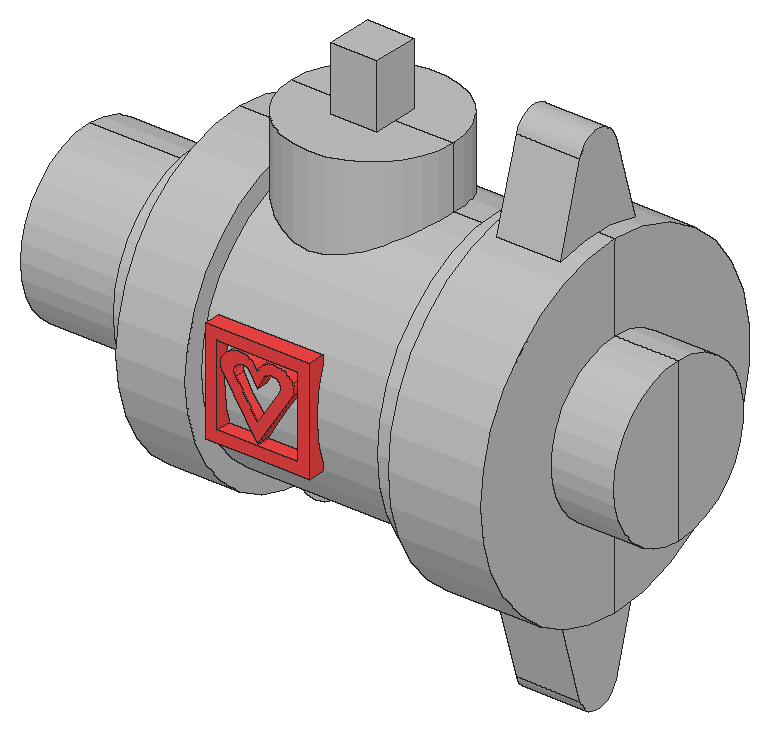
Revit family "Кран для слива и наполнения котла 2512 11", category Rohrzubehör, Revit 2018
Family settings
  Bemaßung runder Anschluss = Durchmesser verwenden
  Teiletyp = Normal
  OmniClass-Nummer = 23.65.55.14
  OmniClass-Titel = Valves for Liquid Services
  Arbeitsebenenbasiert = Nein
  Immer vertikal = Ja
  Beim Laden mit Abzugskörper schneiden = Nein
  Gemeinsam genutzt = Nein
Parameters
  Номер заказа [instance] = if(Nennweite = 15.000 mm, 1251211, 0)  # 1251211
  Мин. рабочая температура = -30 °C  # constant formula
  Макс. рабочая температура = 110 °C  # constant formula
  Макс. рабочее давление = 1000000.0 Pa  # constant formula
  URL = "www.herz-armaturen.ru"
  Шпиндель = "Латунь CW614N"  # constant formula
  SCTWSEQ = "ENT;AO;1"
  SCTWCODE = "01;10;01"  # constant formula
  SCRNSEQ = "ARM;ARM_TYP=\"ABSV\";1"
  SCRNCODE = "05;08;01"  # constant formula
  S04 = 45.000 mm  # constant formula
  S03 = 16.000 mm  # constant formula
  S02 = L00 - L01  # 24.500 mm
  S01 = L00 + (L09 - L05)  # 51.000 mm
  R99 = 2.000 mm  # constant formula
  R01 = 7.000 mm  # constant formula
  Nennweite [instance] = 15.000 mm  # constant formula
  L10 = L01 - L05 + 1.000 mm  # 14.000 mm
  L09 = 13.500 mm  # constant formula
  L08 = 8.000 mm  # constant formula
  L07 = 4.000 mm  # constant formula
  L06 = 19.000 mm  # constant formula
  L05 = 6.500 mm  # constant formula
  L04 = 9.500 mm  # constant formula
  L03 = 8.500 mm  # constant formula
  L02 = 13.000 mm  # constant formula
  L01 = 19.500 mm  # constant formula
  L00 = 44.000 mm  # constant formula
  Шар = "штампованная латунь, CW617N, хромированный, полнопроходной шар"  # constant formula
  Hersteller = "Herz-Armaturen GmbH"  # constant formula
  H00 = 17.000 mm  # constant formula
  Корпус = "штампованная латунь, CW617N"  # constant formula
  G02 = 13.200 mm  # constant formula
  G01 [instance] = Nennweite / 2  # 7.500 mm
  Уплотнения = "Шар: PTFE, шпиндель: PTFE"  # constant formula
  D08 = 7.000 mm  # constant formula
  D07 = 14.500 mm  # constant formula
  D06 = 12.100 mm  # constant formula
  D05 = 13.400 mm  # constant formula
  D04 = 11.100 mm  # constant formula
  D03 = 11.700 mm  # constant formula
  D02 = 9.300 mm  # constant formula
  D01 [instance] = G01 - 1.500 mm  # 6.000 mm
  Среда = "Качество теплоносителя в соответствии с ÖNORM H5195 и/или предписаниями VDI-Standard 2035. Разрешается использование смеси этилен или пропиленгликоля в соотношении 25-50% с водой."
  Область применения = "Краны используются для слива и наполнения котла в инженерных системах зданий: в системах отопления или холодоснабжения. Ароматические хлорированные углеводороды, такие как природный газ или продукты нефтепереработки, разрушают уплотнения из EPDM."
Reference planes
  plane 1 "Mitte (Vorne/hinten)": y = 0
  plane 2: z = 0
  plane 3 "Mitte (Links/rechts)": x = 0
Forms (mm)
  Revolve 1, solid, material "Messing vernickelt", detail levels fine
    sketch origin (0, 0, 0) x (1, 0, 0) y (0, 0, 1)
      loop
        line (-18, 0) -> (13, 0) -> (13, 11.1) -> (19.5, 11.1) -> (19.5, 13.2) -> (11, 13.2) -> (11, 11.7) -> (-5.5, 11.7) -> (-5.5, 13.4) -> (-11.5, 13.4) -> (-11.5, 9.3) -> (-15, 9.3) -> (-15, 7.5) -> (-24.5, 7.5) -> (-24.5, 6) -> (-18, 6) -> (-18, 0)
      axis (-24.5, 0) -> (19.5, 0)
    angle from 0 to 360
  Extrusion 2, solid, material "Messing vernickelt", detail levels fine
    sketch origin (0, 0, 0) x (1, 0, 0) y (0, 0, 1)
      loop
        line (-2, -12.1) -> (-2, -11.3) -> (-5.52, -11.3) -> (-5.52, -13.4)
        arc (-5.52, -13.4) -> (-3.307, -13.976) -> (-2, -12.1) r 2
    from 1 to -1
  Revolve 3, solid, material "Messing vernickelt", detail levels fine
    sketch origin (0, 0, 0) x (1, 0, 0) y (0, 0, 1)
      loop
        line (0, 0) -> (0, 17) -> (-7, 17) -> (-7, 0) -> (0, 0)
      axis (0, 17) -> (0, 0)
    angle from 0 to 360
  Extrusion 4, solid, material "Messing vernickelt", detail levels fine
    sketch origin (0, 0, 0) x (1, 0, 0) y (0, 1, 0)
      loop
        line (-2, 2) -> (-2, -2) -> (2, -2) -> (2, 2) -> (-2, 2)
    from 17 to 22.5
  Revolve 5, solid, material "Messing vernickelt", detail levels fine
    sketch origin (0, 0, 0) x (1, 0, 0) y (0, 0, 1)
      loop
        line (13, 14.5) -> (13, 13.2) -> (19.5, 13.2) -> (19.5, 0) -> (26.5, 0) -> (26.5, 7) -> (21, 7) -> (21, 14.5) -> (13, 14.5)
      axis (13, 0) -> (26.5, 0)
    angle from 0 to 360
  Extrusion 6, solid, material "Messing vernickelt", detail levels fine
    sketch origin (0, 0, 0) x (0, 1, 0) y (0, 0, 1)
      loop
        line (4, 13.937) -> (1.92, 21.061)
        arc (1.92, 21.061) -> (0, 22.5) -> (-1.92, 21.061) r 2
        line (-1.92, 21.061) -> (-4, 13.937)
        arc (-4, 13.937) -> (0, 14.5) -> (4, 13.937) r 14.5
      loop
        arc (4, -13.937) -> (0, -14.5) -> (-4, -13.937) r 14.5
        line (-4, -13.937) -> (-1.92, -21.061)
        arc (-1.92, -21.061) -> (0, -22.5) -> (1.92, -21.061) r 2
        line (1.92, -21.061) -> (4, -13.937)
    from 14 to 19.5
Lines and regions (mm)
  model lines, detail levels coarse+medium
    curve 1: line (-24.5, 0, 0) -> (26.5, 0, 0)
    curve 2: line (16, 0, 22.5) -> (16, 0, -22.5)
    curve 3: line (16, -22.5, 0) -> (16, 22.5, 0)
Dimensions and locks
  "L00": Revolve 1 sketch curve to Revolve 1 sketch curve
  "L03": Revolve 1 sketch curve to Revolve 1 sketch curve
  "L05": Revolve 1 sketch curve to Revolve 1 sketch curve  (x2)
  "L01": Revolve 1 sketch curve to plane 3 "Mitte (Links/rechts)"
  "L04": Revolve 1 sketch curve to Revolve 1 sketch curve
  "L02": Revolve 1 sketch curve to Revolve 1 sketch curve
  "D01": Revolve 1 sketch curve to plane 2
  "G01": Revolve 1 sketch curve to plane 2
  "D04": Revolve 1 sketch curve to plane 2
  "D02": Revolve 1 sketch curve to plane 2
  "G02": Revolve 1 sketch curve to plane 2
  "D03": Revolve 1 sketch curve to plane 2
  "D05": Revolve 1 sketch curve to plane 2
  "L06": Revolve 1 sketch curve to Revolve 1 sketch curve
  "L07": plane 3 "Mitte (Links/rechts)" to Extrusion 2 sketch curve
  "D06": plane 2 to Extrusion 2 sketch curve
  "R01": plane 3 "Mitte (Links/rechts)" to Revolve 3 sketch curve
  "H00": Revolve 3 sketch curve to plane 2
  "G02": Revolve 5 sketch curve to plane 2
  "D07": Revolve 5 sketch curve to plane 2
  "L01": plane 3 "Mitte (Links/rechts)" to Revolve 5 sketch curve
  "L05": Revolve 5 sketch curve to Revolve 1
  "L08": Revolve 5 sketch curve to Revolve 5 sketch curve
  "D08": Revolve 5 sketch curve to plane 2
  "L09": Revolve 5 sketch curve to Revolve 5 sketch curve
  "L10": plane 3 "Mitte (Links/rechts)" to Extrusion 6
  "S01": curve 1 to curve 1
  "S03": plane 3 "Mitte (Links/rechts)" to curve 2
  "S02": plane 3 "Mitte (Links/rechts)" to curve 1
  equal spacing: curve 2, plane 2, curve 2
  "S04": curve 2 to curve 2
  "S04": curve 3 to curve 3
  equal spacing: curve 3, plane 1 "Mitte (Vorne/hinten)", curve 3
  "S03": plane 3 "Mitte (Links/rechts)" to curve 3
  "D03": nested 1 to plane 1 "Mitte (Vorne/hinten)"
  "R99": radius of Extrusion 2 sketch curve
  aligned and locked: level to plane 2
Automatic sketch dimensions
  plane 1 "Mitte (Vorne/hinten)" to Extrusion 4 sketch curve = 2.000 mm
  plane 3 "Mitte (Links/rechts)" to Extrusion 4 sketch curve = 2.000 mm
  Extrusion 4 sketch curve to plane 1 "Mitte (Vorne/hinten)" = 2.000 mm
  Extrusion 4 sketch curve to plane 3 "Mitte (Links/rechts)" = 2.000 mm
  Extrusion 6 sketch curve to Extrusion 6 sketch curve = 0.000 mm  (x2)
  Extrusion 6 sketch curve to plane 1 "Mitte (Vorne/hinten)" = 0.000 mm  (x3)
  Extrusion 6 sketch curve to level = 0.000 mm
  plane 1 "Mitte (Vorne/hinten)" to Extrusion 6 sketch curve = 1.920 mm  (x2)
  plane 1 "Mitte (Vorne/hinten)" to Extrusion 6 sketch curve = 4.000 mm  (x2)
  Extrusion 6 sketch curve to plane 1 "Mitte (Vorne/hinten)" = 1.920 mm  (x2)
  Extrusion 6 sketch curve to plane 1 "Mitte (Vorne/hinten)" = 4.000 mm  (x2)
  Extrusion 6 sketch curve to level = 13.937 mm
  Extrusion 6 sketch curve to Extrusion 6 sketch curve = 6.563 mm  (x2)
  Extrusion 6 sketch curve to Extrusion 6 sketch curve = 0.561 mm  (x2)
  level to Extrusion 6 sketch curve = 13.937 mm
  curve 1 to level = 0.000 mm
  Revolve 1 sketch curve to level = 0.000 mm  (x2)
  Revolve 1 sketch curve to Revolve 1 sketch curve = 1482.030 mm
  Revolve 1 sketch curve to Revolve 1 sketch curve = 1819.648 mm
  Extrusion 2 sketch curve to Extrusion 2 sketch curve = 1.520 mm
  Extrusion 2 sketch curve to Extrusion 2 sketch curve = 0.800 mm
  Revolve 3 sketch curve to level = 0.000 mm
  Revolve 3 sketch curve to plane 3 "Mitte (Links/rechts)" = 0.000 mm  (x2)
  Revolve 3 sketch curve to level = 366.045 mm
  Revolve 3 sketch curve to Revolve 3 sketch curve = 2197.315 mm
  Revolve 5 sketch curve to level = 0.000 mm  (x2)
  Revolve 5 sketch curve to plane 3 "Mitte (Links/rechts)" = 1506.530 mm
  Revolve 5 sketch curve to Revolve 5 sketch curve = 1812.648 mm
Nested families
  nested 1: "Herz-Logo-vorne" at (0, -11.7, 0) x (0, 1, 0) z (0, 0, 1), type "Herz-Logo-vorne"
Connectors
  piping at (-24.5, 0, 0), diameter 15, driven by "Nennweite"
    settings: on Revolve 1, index 1, connector inside diameter 609.6 mm, connector length 0.000 mm, flow factor 0, pipe flow 0.0 L/s, pressure drop 0.0 Pa, fitting loss kfactor 0, connector angle 0.00°, fixture units 0, engagement length 0.000 mm, angle of deflection 0.00°, flow configuration 0, flow direction 0, fitting loss method 0, system type 29, joint type 0, gender type 0, connector reference index -1, connector utility 0, adjustable connector no, is connector primary yes, connector description ""
Definition of nested family "Herz-Logo-vorne"
  Reference planes
    plane 1 "Mitte (Vorne/hinten)": y = 0
    plane 2: z = 0
    plane 3 "Mitte (Links/rechts)": x = 0
  Forms (mm)
    Extrusion 1, solid
      sketch origin (0.732, -0.018, 0.017) x (0, -1, 0) y (0, 0, 1)
        loop
          line (-0.018, -4.517) -> (4.482, -4.517) -> (4.482, 4.483) -> (-4.518, 4.483) -> (-4.518, -4.517) -> (-0.018, -4.517)
        loop
          line (-0.05, -3.48) -> (3.482, -3.48) -> (3.482, 3.483) -> (-3.518, 3.483) -> (-3.518, -3.48) -> (-0.05, -3.48)
        loop
          arc (-0.018, 2.383) -> (-1.543, 3.287) -> (-3.067, 2.383) r 1.738
          arc (-3.067, 2.383) -> (-3.191, 1.899) -> (-3.067, 1.415) r 1.009
          line (-3.067, 1.415) -> (-0.018, -3.281) -> (3.032, 1.415)
          arc (3.032, 1.415) -> (3.156, 1.899) -> (3.032, 2.383) r 1.009
          arc (3.032, 2.383) -> (1.507, 3.287) -> (-0.018, 2.383) r 1.738
        loop
          arc (1.885, 1.272) -> (2.005, 1.675) -> (1.885, 2.079) r 0.74
          arc (1.885, 2.079) -> (1.265, 2.416) -> (0.644, 2.079) r 0.74
          line (0.644, 2.079) -> (-0.018, 0.97) -> (-0.679, 2.079)
          arc (-0.679, 2.079) -> (-1.3, 2.416) -> (-1.921, 2.079) r 0.74
          arc (-1.921, 2.079) -> (-2.04, 1.675) -> (-1.921, 1.272) r 0.74
          line (-1.921, 1.272) -> (-0.018, -1.658) -> (1.885, 1.272)
      from 0 to 1.5
  Dimensions and locks
    aligned and locked: level to plane 2
